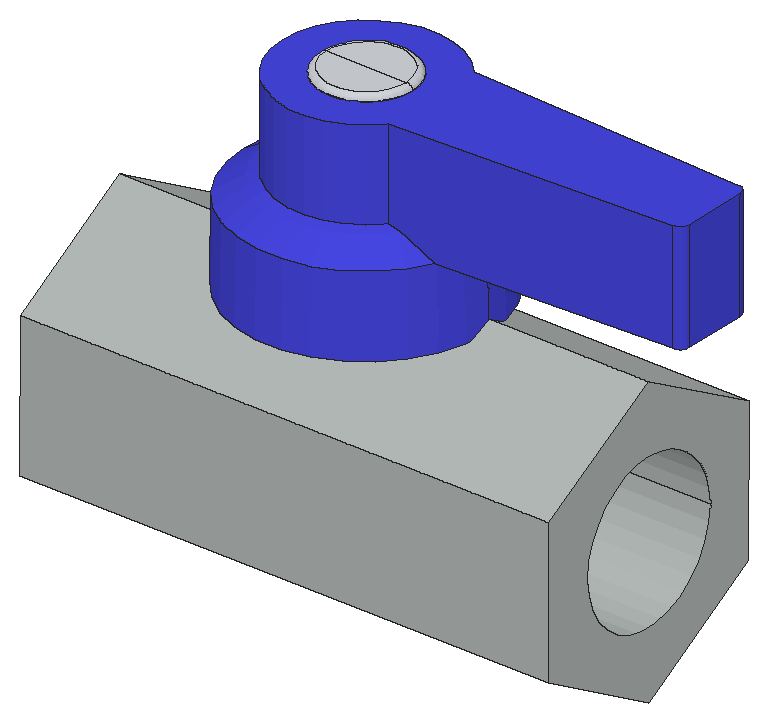
Revit family "QL10040000", category Apparecchi idraulici, Revit 2020
Family settings
  Quota connettore circolare = Usa diametro
  Tipo di parte = Normale
  Numero OmniClass = 23.45.00.00
  Titolo OmniClass = Sanitary, Laundry, and Cleaning Equipment
  Basato su piano di lavoro = No
  Sempre verticale = Sì
  Taglio con vuoti quando caricato = No
  Condiviso = No
  Punto di calcolo locali = No
Parameters
  URL = "https://web.cimberio.com/index.php/figura/962?subcategoria_id=47"
  Temperatura di esercizio = "-20 ÷ 95°C"
  Prospetto di default = 0 mm
  Produttore = "CIMBERIO SPA"
  Pressione nominale = "PN 150"
  Modello = "Cim 011BL34"
  Materiale = "Prodotto in lega di ottone conforme alla norma EN 12165-CW617N-DW"
  Descrizione = "Realizzato in ottemperanza ai requisiti gestionali della norma EN ISO 9001.\r\nUtilizzato per la regolazione della temperatura degli ambienti e comandare apparecchi degli impianti di riscaldamento e condizionamento."
  DN Model [instance] = QL10041015 : QL10041015
  DN [instance] = 15 mm
  Commenti sul tipo = "Utilizzato nei più svariati settori dell'impiantistica: impianti di riscaldamento, condizionamento, idrici, igienico-sanitari, aria compressa e in generale con ogni fluido non corrosivo"
Reference planes
  plane 1 "Centro (Fronte/Retro)": y = 0
  plane 2: z = 0
  plane 3 "Centro (Sinistra/Destra)": x = 0
Dimensions and locks
  aligned and locked: level to plane 2
Nested families
  nested 1: "QL10041015" at (0, 0, 0), type <- "DN Model", type "QL10041015"
  nested 2: "QL10041015" at (0, 0, 0), type <- "DN Model", type "QL10041015"
  nested 3: "QL10041015" at (0, 0, 0), type <- "DN Model", type "QL10041015"
Connectors
  piping at (25.75, 0, 14), diameter 15, driven by "DN"
    settings: on nested 1, index 1, connector inside diameter 609.6 mm, connector length 0 mm, flow factor 0, pipe flow 0.0 L/s, pressure drop 0.0 Pa, fitting loss kfactor 0, connector angle 0.00°, fixture units 0, engagement length 0 mm, angle of deflection 0.00°, flow configuration 0, flow direction 0, fitting loss method 0, system type 7, joint type 0, gender type 0, connector reference index -1, connector utility 0, adjustable connector no, is connector primary yes, connector description ""
  piping at (-25.75, 0, 14), diameter 15, driven by "DN"
    settings: on nested 1, index 2, connector inside diameter 609.6 mm, connector length 0 mm, flow factor 0, pipe flow 0.0 L/s, pressure drop 0.0 Pa, fitting loss kfactor 0, connector angle 0.00°, fixture units 0, engagement length 0 mm, angle of deflection 0.00°, flow configuration 0, flow direction 0, fitting loss method 0, system type 7, joint type 0, gender type 0, connector reference index -1, connector utility 0, adjustable connector no, is connector primary no, connector description ""
Definition of nested family "QL10041015"
  Parameters (values of type "QL10041015")
    URL = "https://web.cimberio.com/index.php/figura/1418?subcategoria_id="
    Temperatura di esercizio = "-10 ÷ 110°C"
    Default Elevation = 0 mm
    Manufacturer = "CIMBERIO SPA"
    Pressione nominale = "PN 10"
    Model = "Cim 150VIC"
    Materiale = "Prodotto in lega di ottone conforme alla norma EN 12165-CW617N-DW"
    Description = "Utilizzato nei più svariati settori dell'impiantistica: impianti di riscaldamento, condizionamento, idrici, igienico-sanitari e in generale con ogni fluido non corrosivo"
    DN Model [instance] = HG00081015 : HG00081015
    DN [instance] = 15 mm
    Type Comments = "Realizzato in ottemperanza ai requisiti gestionali della norma EN ISO 9001.\r\nCollaudato al 100% secondo la normativa EN 12266-1"
  Reference planes
    plane 1 "Centro (Fronte/Retro)": y = 0
    plane 2: z = 0
    plane 3 "Centro (Sinistra/Destra)": x = 0
  Forms (mm)
    Extrusion 1, solid
      sketch origin (0, 0, 14) x (0, 1, 0) y (0, 0, 1)
        loop
          line (0, 14) -> (-12.124, 7) -> (-12.124, -7) -> (0, -14) -> (12.124, -7) -> (12.124, 7) -> (0, 14)
        loop
          circle (0, 0) r 7.5
      from -25.75 to 25.75
    Revolve 2, solid
      sketch origin (0, 0, 0) x (1, 0, 0) y (0, 0, 1)
        loop
          line (-1.75, 26.797) -> (-1.75, 38.235)
          arc (-1.75, 38.235) -> (-7.968, 37.443) -> (-13.555, 34.603) r 18.326
          line (-13.555, 34.603) -> (-13.691, 26.797) -> (-1.75, 26.797)
        axis (-1.75, 26.797) -> (-1.75, 38.235)
      angle from 0 to 360
    Revolve 3, solid
      sketch origin (0, 0, -3.286) x (1, 0, 0) y (0, 0, 1)
        loop
          line (-6.25, 48.586) -> (-6.25, 47.06) -> (-1.75, 47.06) -> (-1.75, 49.1) -> (-5.644, 49.1)
          arc (-5.644, 49.1) -> (-6.041, 48.954) -> (-6.25, 48.586) r 0.614
        axis (-1.75, 49.1) -> (-1.75, 47.06)
      angle from 0 to 360
    Extrusion 4, solid
      sketch origin (0, 0, 0) x (1, 0, 0) y (0, 1, 0)
        loop
          arc (4.52, 5.211) -> (-9.903, 0) -> (4.52, -5.211) r 8.153
          line (4.52, -5.211) -> (31.293, -3.993)
          arc (31.293, -3.993) -> (31.937, -3.7) -> (32.2, -3.043) r 0.952
          line (32.2, -3.043) -> (32.2, 3.043)
          arc (32.2, 3.043) -> (31.937, 3.7) -> (31.293, 3.993) r 0.952
          line (31.293, 3.993) -> (4.52, 5.211)
      from 34.603 to 45.3
  Dimensions and locks
    aligned and locked: level to plane 2
